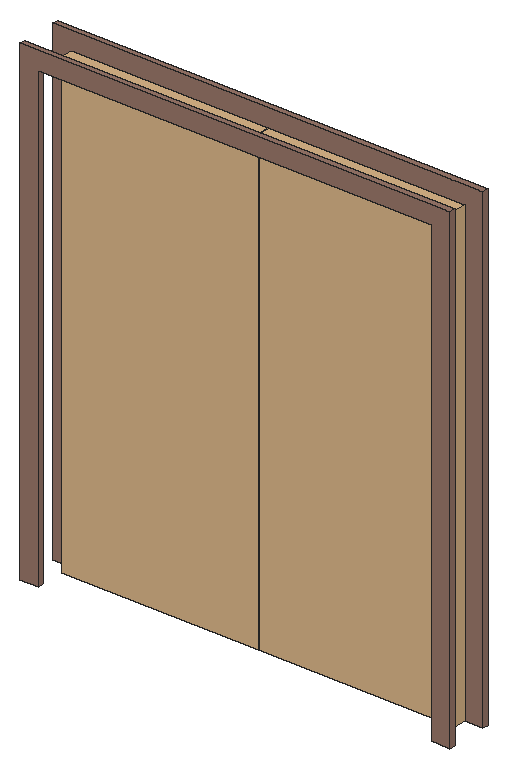
Revit family "M_Porta-Nivelado-Duplo_Painel", category Portas, Revit 2019
Family settings
  Hospedeiro = Parede
  Número OmniClass = 23.30.10.00
  Título OmniClass = Doors
  Sempre na vertical = Sim
  Corte com vazios quando carregada = Não
  Compartilhado = Não
  Ponto de cálculo do ambiente = Não
Parameters (values of type "1700 x 2000mm")
  Visual Light Transmittance = 0
  Espessura = 50 mm
  Resistência térmica (R) = 0.455703 (m²·K)/W
  Ângulo de abertura [instance] = 90.00°
  Solar Heat Gain Coefficient = 0
  Largura do painel = 1 / 2 * Largura  # 850 mm
  ID do tipo de construção = "DOOR"
  Coeficiente de transferência de calor (U) = 2.19465 W/(m²·K)
  Função = Interior
  Código de montagem = "C1020"
  Material do painel = Madeira - Bétula - Manchada sólida leve com baixo brilho
  Material da apara = Pintura - Sienna
  Altura = 2000 mm
  Projeção da apara externa = 25 mm
  Projeção da apara interna = 25 mm
  Largura da apara = 80 mm
  Fechamento da parede = Por hospedeiro
  Largura = 1700 mm
  Construção analítica = "Madeira"
Reference planes
  plane 1 "Centro(Frente/Direita)": y = 0
  plane 2: z = 0
  plane 3 "Centro (Esquerda/Direita)": x = 0
  plane 4 "Esquerda": x = -850
  plane 5 "Direita": x = 850
  plane 6 "Superior": z = 2000
  plane 7: y = 76.2
Forms (mm)
  Extrusion 1, solid, material "Pintura - Sienna" <- "Material da apara", detail levels fine
    sketch origin (-2286, 76.2, 0) x (-1, 0, 0) y (0, 0, 1)
      loop
        line (-3136, 2000) -> (-1436, 2000) -> (-1436, 0) -> (-1356, 0) -> (-1356, 2080) -> (-3216, 2080) -> (-3216, 0) -> (-3136, 0) -> (-3136, 2000)
    from 0 to 25
  Extrusion 2, solid, material "Pintura - Sienna" <- "Material da apara", detail levels fine
    sketch origin (-2286, -76.2, 0) x (1, 0, 0) y (0, 0, 1)
      loop
        line (1436, 0) -> (1436, 2000) -> (3136, 2000) -> (3136, 0) -> (3216, 0) -> (3216, 2080) -> (1356, 2080) -> (1356, 0) -> (1436, 0)
    from 0 to 25
  Extrusion 3, solid, material "Madeira - Bétula - Manchada sólida leve com baixo brilho" <- "Material do painel"
    sketch origin (-1524, 76.2, 0) x (-1, 0, 0) y (0, 0, 1)
      loop
        line (-1524, 2000) -> (-1524, 0) -> (-674, 0) -> (-674, 2000) -> (-1524, 2000)
    from 0 to -50
  Extrusion 4, solid, material "Madeira - Bétula - Manchada sólida leve com baixo brilho" <- "Material do painel"
    sketch origin (0, 0, 0) x (-1, 0, 0) y (0, 0, 1)
      loop
        line (-850, 2000) -> (-850, 0) -> (0, 0) -> (0, 2000) -> (-850, 2000)
    from 26.2 to 76.2
Lines and regions (mm)
  Opening 1
    outline origin (-2286, -76.2, 0) x (1, 0, 0) y (0, 0, 1)
      loop
        line (1436, 0) -> (3136, 0) -> (3136, 2000) -> (1436, 2000) -> (1436, 0)
  symbolic lines, style "Giro da elevação"
    curve 1: line (0, 0, 2000) -> (-850, 0, 1000)
    curve 2: line (0, 0, 0) -> (-850, 0, 1000)
    curve 3: line (0, 0, 0) -> (850, 0, 1000)
    curve 4: line (850, 0, 1000) -> (0, 0, 2000)
Text (mm)
  text "Exterior" at (-1490.41, 1005.451, 0), in view "Nível de referência"
  text "Interior" at (-1482.03, -688.828, 0), in view "Nível de referência"
  text "Exterior" at (0, 1019.848, 3124.603), in view "Direita"
  text "Interior" at (0, -1635.541, 3124.603), in view "Direita"
  text "Interior" at (0, -698.591, 2960.884), in view "Esquerda"
  text "Exterior" at (0, 1386.095, 2960.884), in view "Esquerda"
Dimensions and locks
  "Altura": plane 2 to plane 6 "Superior"
  "Largura da apara": Extrusion 2 sketch curve to plane 4 "Esquerda"
  "Largura da apara": Extrusion 2 sketch curve to plane 5 "Direita"
  "Largura da apara": Extrusion 2 sketch curve to plane 6 "Superior"
  "Largura da apara": Extrusion 1 sketch curve to Extrusion 1 sketch curve  (x2)
  "Largura da apara": Extrusion 1 sketch curve to plane 6 "Superior"
  "Projeção da apara interna": Extrusion 2 to host wall
  "Projeção da apara externa": Extrusion 1 to host wall
  "Espessura": Extrusion 3 to host wall
  "Largura": plane 4 "Esquerda" to plane 5 "Direita"
  equal spacing: plane 4 "Esquerda", plane 3 "Centro (Esquerda/Direita)", plane 5 "Direita"
  equal spacing: plane 6 "Superior", curve 2, level
  equal spacing: plane 6 "Superior", curve 4, level
  aligned and locked: plane 4 "Esquerda" to Opening 1 sketch curve
  aligned and locked: plane 6 "Superior" to Opening 1 sketch curve  (x2)
  aligned and locked: Opening 1 sketch curve to plane 5 "Direita"
  aligned and locked: Opening 1 sketch curve to level
  aligned and locked: plane 6 "Superior" to Extrusion 1 sketch curve  (x2)
  aligned and locked: plane 4 "Esquerda" to Extrusion 1 sketch curve
  aligned and locked: Extrusion 1 sketch curve to plane 4 "Esquerda"
  aligned and locked: plane 2 to Extrusion 1 sketch curve
  aligned and locked: Extrusion 1 sketch curve to plane 2
  aligned and locked: level to Extrusion 1 sketch curve
  aligned and locked: plane 5 "Direita" to Extrusion 1 sketch curve
  aligned and locked: Extrusion 1 to host wall
  aligned and locked: plane 4 "Esquerda" to Extrusion 2 sketch curve
  aligned and locked: plane 6 "Superior" to Extrusion 2 sketch curve  (x2)
  aligned and locked: plane 5 "Direita" to Extrusion 2 sketch curve  (x2)
  aligned and locked: level to Extrusion 2 sketch curve
  aligned and locked: Extrusion 2 sketch curve to level
  aligned and locked: plane 2 to Extrusion 2 sketch curve
  aligned and locked: Extrusion 2 to host wall
  aligned and locked: plane 7 to host wall
  aligned and locked: Extrusion 4 to Extrusion 3  (x2)
  aligned and locked: nested 1 to plane 5 "Direita"
  aligned and locked: nested 1 to plane 7
  aligned and locked: nested 1 to plane 3 "Centro (Esquerda/Direita)"
  aligned and locked: nested 2 to plane 4 "Esquerda"
  aligned and locked: plane 7 to Extrusion 3
  aligned and locked: nested 2 to plane 3 "Centro (Esquerda/Direita)"
  aligned and locked: plane 7 to nested 2
  aligned and locked: plane 7 to nested 1
Automatic sketch dimensions
  Extrusion 3 sketch curve to level = 0 mm
  Extrusion 3 sketch curve to plane 4 "Esquerda" = 0 mm
  Extrusion 3 sketch curve to plane 6 "Superior" = 0 mm
  Extrusion 3 sketch curve to plane 3 "Centro (Esquerda/Direita)" = 0 mm
  Extrusion 4 sketch curve to level = 0 mm
  Extrusion 4 sketch curve to plane 5 "Direita" = 0 mm
  Extrusion 4 sketch curve to plane 3 "Centro (Esquerda/Direita)" = 0 mm
  Extrusion 4 sketch curve to plane 6 "Superior" = 0 mm
  curve 1 to plane 3 "Centro (Esquerda/Direita)" = 0 mm
  curve 1 to plane 6 "Superior" = 0 mm
  curve 2 to plane 4 "Esquerda" = 0 mm
  curve 4 to plane 5 "Direita" = 0 mm
  curve 3 to level = 0 mm
  curve 2 to plane 3 "Centro (Esquerda/Direita)" = 0 mm
Nested families
  nested 1: "Porta com abertura única" at (850, 76.2, 0), Ângulo de abertura <- "Ângulo de abertura", type "Único"
    with Abertura visível yes, Ângulo de abertura 90.00°, Ângulo real 90.00°
  nested 2: "Porta com abertura única" at (-850, 76.2, 0) x (-1, 0, 0) z (0, 0, 1), Ângulo de abertura <- "Ângulo de abertura", type "Único"
    with Abertura visível yes, Ângulo de abertura 90.00°, Ângulo real 90.00°
Definition of nested family "Porta com abertura única"
  Parameters (values of type "Único")
    Width = 900 mm
    Thickness = 45 mm
    Abertura visível [instance] = Ângulo de abertura > 1.00°  # yes
    Ângulo de abertura [instance] = 45.00°
    Assembly Code = ""
    Analytic Construction = "<Nenhum>"
    Ângulo real [instance] = if(Ângulo de abertura < 1.00°, 1.00°, Ângulo de abertura)  # 45.00°
  Reference planes
    plane 1 "Centro (Frente/Trás)": y = 0
    plane 2: z = 0
    plane 3 "Centro (Esquerda/Direita)": x = 0
    plane 4: x = -900
  Lines and regions (mm)
    Masking region 1
      outline origin (0, 0, 0) x (-0.707107, 0.707107, 0) y (-0.707107, -0.707107, 0)
        loop
          line (0, 0) -> (900, 0) -> (900, 45) -> (0, 45) -> (0, 0)
    symbolic lines
      curve 1: line (0, 0, 0) -> (-900, 0, 0)
    symbolic lines, visible <- "Abertura visível"
      curve 2: arc (-900, 0, 0) -> (-831.492, 344.415, 0) -> (-636.396, 636.396, 0) r 900
    reference lines
      curve 3: line (0, 0, 0) -> (-636.396, 636.396, 0)
    model lines
      curve 4: line (0, 0, 0) -> (0, 0, 25.4)
  Dimensions and locks
    "Width": plane 4 to plane 3 "Centro (Esquerda/Direita)"
    locked: curve 2 to plane 3 "Centro (Esquerda/Direita)"
    locked: curve 2 to plane 1 "Centro (Frente/Trás)"
    "Width": curve 3 to curve 3
    "Thickness": Masking region 1 sketch curve to Masking region 1 sketch curve
    locked: curve 4 to plane 2 at 25.4
    "Width": radius of curve 2
    "Ângulo real": angle curve 2 to curve 2
    "Ângulo de abertura": angle curve 3 to plane 1 "Centro (Frente/Trás)"
    aligned and locked: curve 1 to plane 1 "Centro (Frente/Trás)"
    aligned and locked: plane 3 "Centro (Esquerda/Direita)" to curve 1
    aligned and locked: plane 3 "Centro (Esquerda/Direita)" to curve 3
    aligned and locked: plane 1 "Centro (Frente/Trás)" to curve 3
    aligned and locked: curve 3 to Masking region 1 sketch curve
    aligned and locked: Masking region 1 sketch curve to curve 3  (x2)
    aligned and locked: plane 3 "Centro (Esquerda/Direita)" to curve 4
    aligned and locked: plane 2 to curve 4
Types in the file's own list only (6): name | Transmissão de luz visual | Resistência térmica (R) | Coeficiente de ganho de calor solar | Largura do painel | Coeficiente de transferência de calor (U) | Altura | Largura
  1700 x 2050mm | 0 | 0.4557 (m²·K)/W | 0 | 850 mm | 2.1946 W/(m²·K) | 2050 mm | 1700 mm
  1700 x 2100mm | 0 | 0.4557 (m²·K)/W | 0 | 850 mm | 2.1946 W/(m²·K) | 2100 mm | 1700 mm
  1800 x 1950mm | 0 | 0.4557 (m²·K)/W | 0 | 900 mm | 2.1946 W/(m²·K) | 1950 mm | 1800 mm
  1800 x 2000mm | 0 | 0.4557 (m²·K)/W | 0 | 900 mm | 2.1946 W/(m²·K) | 2000 mm | 1800 mm
  1800 x 2050mm | 0 | 0.4557 (m²·K)/W | 0 | 900 mm | 2.1946 W/(m²·K) | 2050 mm | 1800 mm
  1800 x 2100mm | 0 | 0.4557 (m²·K)/W | 0 | 900 mm | 2.1946 W/(m²·K) | 2100 mm | 1800 mm
